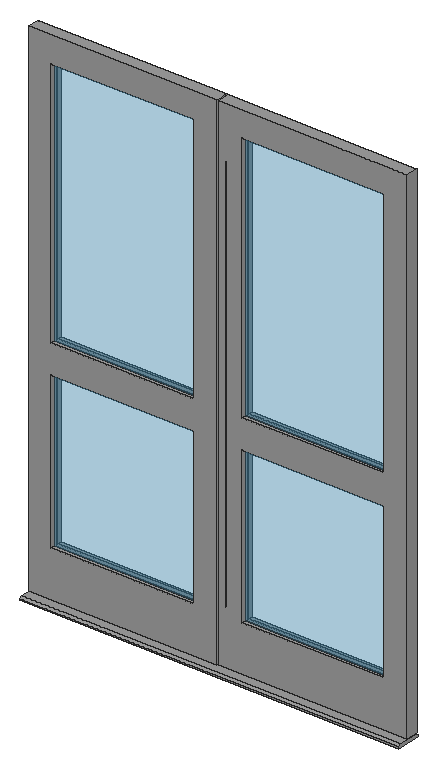
Revit family "MS-375TC DOOR-Double-1-SF_v04", category Curtain Panels, Revit 2015
Parameters
  Width [instance] = 6' - 2"
  URL = "obe.com"
  Type Comments = ""
  Rough Width [instance] = 6' - 0"
  Offset [instance] = 0' - 1"
  Model = "MS-375TC DOOR"
  Min Panel Width [instance] = if(Rough Width > 5' 11 255/256", Rough Width, 6' 0")  # 6' - 0"
  Manufacturer = "Oldcastle BuildingEnvelope®"
  Keynote = "08 11 00"
  Hinge [instance] = yes
  Height [instance] = 8' - 0"
  Pushbar Height [instance] = 3' - 5 1/4"  # constant formula
  Glass Material = Glass
  Frame Material = Aluminum
  Door Panel Height [instance] = Height + 0' 0 23/32"  # 8' - 0 23/32"
  Description = "MS-375TC - 1\" Door Infill"
  Assembly Code = "B2030"
  Analytic Construction = "<None>"
  8 Muntin [instance] = not([4 Muntin])  # no
  4 Muntin [instance] = yes
  8 Bottom Rail [instance] = yes
  10 Bottom Rail [instance] = not([8 Bottom Rail])  # no
Reference planes (in)
  plane 1 "Front": y = 0
  plane 2: z = 0
  plane 3 "Center (Left/Right)": x = 0
  plane 4 "Left": x = -37
  plane 5 "Right": x = 37
  plane 6 "Top": z = 96
  plane 7: x = -36
  plane 8: x = 36
Text (in)
  text "Exterior" at (-54.29358, 31.38743, 0), in view "Ref. Level"
  text "Exterior" at (480, 41.53993, 89.60405), in view "Right"
  text "Exterior" at (-240, 57.82419, 105.78864), in view "Left"
Dimensions and locks (in)
  equal spacing: plane 4 "Left", plane 3 "Center (Left/Right)", plane 5 "Right"
  "Width": plane 4 "Left" to plane 5 "Right"
  "Height": plane 6 "Top" to plane 2
  equal spacing: plane 7, plane 3 "Center (Left/Right)", plane 8
  "Min Panel Width": plane 7 to plane 8
  aligned and locked: level to plane 2
  aligned and locked: plane 3 "Center (Left/Right)" to nested 1
  aligned and locked: plane 1 "Front" to nested 1
Nested families (in)
  nested 1: "MS-375TC DOOR-Double-1-Panel_v03" at (0, -16, 0), Frame Material <- "Frame Material", Glass Material <- "Glass Material", 4 Muntin <- "4 Muntin", 8 Muntin <- "8 Muntin", Hinge <- "Hinge", 8 Bottom Rail <- "8 Bottom Rail", Height <- "Door Panel Height", Width <- "Min Panel Width", Offset <- "Offset", type "MS-375TC DOOR-Double-1-Panel"
    with Wing Width 3' - 0", built-in parameter 1001301 6' - 0", Pushbar Height 3' - 5 1/4", Offset 0' - 1", Hinge yes, built-in parameter 1001300 8' - 0 23/32", Glass at Muntin 0' - 4 9/16", Glass Material Glass, Frame Material Aluminum, Bottom Rail 0' - 8 29/32", 8 Muntin no, 8 Bottom Rail yes, 4 Muntin yes, 10 Bottom Rail no
Definition of nested family "MS-375TC DOOR-Double-1-Panel_v03"
  Parameters (values of type "MS-375TC DOOR-Double-1-Panel")
    Wing Width [instance] = Width / 2  # 3' - 0"
    Width [instance] = 6' - 0"
    Offset [instance] = 0' - 5"
    Hinge [instance] = yes
    Height [instance] = 8' - 0"
    Glass at Muntin [instance] = if([4 Muntin], 0' 4 9/16", 0' 8 9/16")  # 0' - 8 9/16"
    Pushbar Height [instance] = 3' - 5 1/4"  # constant formula
    Glass Material [instance] = none
    Frame Material [instance] = none
    Bottom Rail [instance] = if([10 Bottom Rail], 0' 10 29/32", 0' 8 29/32")  # 0' - 10 29/32"
    8 Muntin [instance] = not([4 Muntin])  # yes
    10 Bottom Rail [instance] = not([8 Bottom Rail])  # yes
    4 Muntin [instance] = no
    8 Bottom Rail [instance] = no
  Reference planes (in)
    plane 1 "00": y = 9.75
    plane 2: z = 0
    plane 3 "Center (Left/Right)": x = 0
    plane 4: z = 96
    plane 5: x = -36
    plane 6: x = 36
    plane 7 "Center (Front/Back)": y = 16
    plane 8 "Exterior": y = 10.25
    plane 9: z = 48
    plane 10: z = 10.90625
    plane 11: z = 45.53125
    plane 12: z = 36.96875
    plane 13: z = 90.94129
    plane 14: z = 0
    plane 15: x = -31.80262
    plane 16: x = 31.78244
    plane 17 "Offset": y = 11
    plane 18: z = 41.25
  Forms (in)
    Sweep 1, solid, material <- "Frame Material"
      path origin (0, 9.75, 0) x (1, 0, 0) y (0, 0, 1)
        loop
          line (-31.80262, 96) -> (-0.1998, 96)
      profile origin (-16.00121, 9.75, 96) x (0, 0, 1) y (0, -1, 0)
        loop
          line (-0.71875, -1.12355) -> (-0.71875, 1.12745) -> (-5.46871, 1.12745) -> (-5.46871, 0.5) -> (-5.05871, 0.5) -> (-5.05871, -0.5) -> (-5.46871, -0.5) -> (-5.46871, -1.12355) -> (-0.71875, -1.12355)
    Sweep 2, solid, material <- "Frame Material"
      path origin (0, 9.75, 0) x (1, 0, 0) y (0, 0, 1)
        loop
          line (-0.1998, 0) -> (-35.69218, 0)
      profile origin (-17.94599, 9.75, 0) x (0, 0, -1) y (0, -1, 0)
        loop
          line (-6.93343, -1.12355) -> (-0.68754, -1.12355) -> (-0.68754, 1.12745) -> (-6.93343, 1.12745) -> (-11.4375, 1.12745) -> (-11.4375, 0.5) -> (-10.90625, 0.5) -> (-10.90625, -0.5) -> (-11.4375, -0.5) -> (-11.4375, -1.12355) -> (-6.93343, -1.12355)
    Sweep 3, solid, material <- "Frame Material"
      path origin (0, 9.75, 0) x (1, 0, 0) y (0, 0, 1)
        loop
          line (36, 95.28125) -> (36, 0.68754)
      profile origin (36, 9.75, 47.9844) x (0, -1, 0) y (1, 0, 0)
        loop
          line (-1.12356, -0.438) -> (-1.12356, -4.62756) -> (-0.5, -4.62756) -> (-0.5, -4.21756) -> (0.5, -4.21756) -> (0.5, -4.62756) -> (1.12745, -4.62756) -> (1.12745, -0.328) -> (-1.15856, -0.328) -> (-1.15856, -0.438) -> (-1.12356, -0.438)
    Sweep 4, solid, material <- "Frame Material"
      path origin (0, 9.75, 0) x (1, 0, 0) y (0, 0, 1)
        loop
          line (-36, 95.28125) -> (-36, 0.68754)
      profile origin (-36, 9.75, 47.9844) x (0, -1, 0) y (1, 0, 0)
        loop
          line (-1.12358, 4.60738) -> (-1.12358, 0.41782) -> (-1.15858, 0.41782) -> (-1.15858, 0.30782) -> (1.12744, 0.30782) -> (1.12744, 4.60738) -> (0.49998, 4.60738) -> (0.49998, 4.19738) -> (-0.50002, 4.19738) -> (-0.50002, 4.60738) -> (-1.12358, 4.60738)
    Sweep 5, solid, material <- "Frame Material"
      path origin (0, 9.75, 0) x (1, 0, 0) y (0, 0, 1)
        loop
          line (-4.1885, 48) -> (-31.80262, 48)
      profile origin (-17.99556, 9.75, 48) x (0, 0, -1) y (0, -1, 0)
        loop
          line (1.93679, -0.5) -> (1.93679, -1.12355) -> (11.43671, -1.12355) -> (11.43671, -0.5) -> (11.03125, -0.5) -> (11.03125, 0.5) -> (11.43671, 0.5) -> (11.43671, 1.12745) -> (1.93679, 1.12745) -> (1.93679, 0.5) -> (2.46875, 0.5) -> (2.46875, -0.5) -> (1.93679, -0.5)
    Sweep 6, solid, material <- "Frame Material"
      path origin (0, 9.75, 0) x (1, 0, 0) y (0, 0, 1)
        loop
          line (0, 95.28125) -> (0, 0.68754)
      profile origin (0, 9.75, 47.9844) x (0, -1, 0) y (1, 0, 0)
        loop
          line (-1.12355, -4.5985) -> (-0.5, -4.5985) -> (-0.5, -4.1885) -> (0.5, -4.1885) -> (0.5, -4.5985) -> (1.12745, -4.5985) -> (1.12745, -0.1998)
          arc (1.12745, -0.1998) -> (0.14024, -0.09375) -> (-0.84797, -0.19003) r 4.87198
          line (-0.84797, -0.19003) -> (-1.00307, -0.23561)
          arc (-1.00307, -0.23561) -> (-1.08642, -0.25449) -> (-1.12355, -0.33147) r 0.09837
          line (-1.12355, -0.33147) -> (-1.12355, -4.5985)
        loop
          arc (-1.03043, 0.11549) -> (0.05077, 0.1029) -> (1.12778, 0.19879) r 10.77029
          line (1.12778, 0.19879) -> (1.12778, 4.59371) -> (0.5, 4.59371) -> (0.5, 4.18371) -> (-0.5, 4.18371) -> (-0.5, 4.59371) -> (-1.12356, 4.59371) -> (-1.12356, 0.21457)
          arc (-1.12356, 0.21457) -> (-1.09663, 0.14658) -> (-1.03043, 0.11549) r 0.09927
    Sweep 7, solid, material <- "Frame Material"
      path origin (0, 9.75, 0) x (1, 0, 0) y (0, 0, 1)
        loop
          line (0.22004, 96) -> (31.78244, 96)
      profile origin (16.00124, 9.75, 96) x (0, 0, 1) y (0, -1, 0)
        loop
          line (-0.71875, -1.12355) -> (-0.71875, 1.12745) -> (-3.83589, 1.12745) -> (-5.46871, 1.12745) -> (-5.46871, 0.5) -> (-5.05871, 0.5) -> (-5.05871, -0.5) -> (-5.46871, -0.5) -> (-5.46871, -1.12355) -> (-3.83589, -1.12355) -> (-0.71875, -1.12355)
    Sweep 8, solid, material <- "Frame Material"
      path origin (0, 9.75, 0) x (1, 0, 0) y (0, 0, 1)
        loop
          line (31.78244, 48) -> (4.18371, 48)
      profile origin (17.98307, 9.75, 48) x (0, 0, -1) y (0, -1, 0)
        loop
          line (1.93679, -0.5) -> (1.93679, -1.12355) -> (11.43671, -1.12355) -> (11.43671, -0.5) -> (11.03125, -0.5) -> (11.03125, 0.5) -> (11.43671, 0.5) -> (11.43671, 1.12745) -> (1.93679, 1.12745) -> (1.93679, 0.5) -> (2.46875, 0.5) -> (2.46875, -0.5) -> (1.93679, -0.5)
    Sweep 9, solid, material <- "Frame Material"
      path origin (0, 9.75, 0) x (1, 0, 0) y (0, 0, 1)
        loop
          line (35.672, 0) -> (0.22004, 0)
      profile origin (17.94602, 9.75, 0) x (0, 0, -1) y (0, -1, 0)
        loop
          line (-3.49593, -1.12355) -> (-0.68754, -1.12355) -> (-0.68754, 1.12745) -> (-11.4375, 1.12745) -> (-11.4375, 0.5) -> (-10.90625, 0.5) -> (-10.90625, -0.5) -> (-11.4375, -0.5) -> (-11.4375, -1.12355) -> (-3.49593, -1.12355)
    Extrusion 10, solid, detail levels coarse
      sketch origin (0, 0, 0) x (1, 0, 0) y (0, 1, 0)
        loop
          line (4.18371, 10.25) -> (4.18371, 9.25) -> (31.78244, 9.25) -> (31.78244, 10.25) -> (4.18371, 10.25)
      from 36.96875 to 10.90625
    Extrusion 11, solid, material <- "Glass Material", detail levels medium+fine
      sketch origin (0, 0, 0) x (1, 0, 0) y (0, 1, 0)
        loop
          line (4.18371, 9.25) -> (31.78244, 9.25) -> (31.78244, 9.498) -> (4.18371, 9.498) -> (4.18371, 9.25)
        loop
          line (31.78244, 10.25) -> (4.18371, 10.25) -> (4.18371, 10.002) -> (31.78244, 10.002) -> (31.78244, 10.25)
      from 10.90625 to 36.96875
    Extrusion 12, solid, material <- "Glass Material", detail levels medium+fine
      sketch origin (0, 0, 0) x (1, 0, 0) y (0, 1, 0)
        loop
          line (4.18371, 10.25) -> (4.18371, 10.002) -> (31.78244, 10.002) -> (31.78244, 10.25) -> (4.18371, 10.25)
        loop
          line (31.78244, 9.25) -> (31.78244, 9.498) -> (4.18371, 9.498) -> (4.18371, 9.25) -> (31.78244, 9.25)
      from 45.53125 to 90.94129
    Extrusion 13, solid, material <- "Glass Material", detail levels coarse
      sketch origin (0, 0, 0) x (1, 0, 0) y (0, 1, 0)
        loop
          line (4.18371, 10.25) -> (4.18371, 9.25) -> (31.78244, 9.25) -> (31.78244, 10.25) -> (4.18371, 10.25)
      from 45.53125 to 90.94129
    Extrusion 14, solid, material <- "Glass Material", detail levels medium+fine
      sketch origin (0, 0, 0) x (1, 0, 0) y (0, 1, 0)
        loop
          line (-31.80262, 9.25) -> (-4.1885, 9.25) -> (-4.1885, 9.498) -> (-31.80262, 9.498) -> (-31.80262, 9.25)
        loop
          line (-4.1885, 10.25) -> (-31.80262, 10.25) -> (-31.80262, 10.002) -> (-4.1885, 10.002) -> (-4.1885, 10.25)
      from 10.90625 to 36.96875
    Extrusion 15, solid, material <- "Glass Material", detail levels coarse
      sketch origin (0, 0, 0) x (1, 0, 0) y (0, 1, 0)
        loop
          line (-31.80262, 10.25) -> (-31.80262, 9.25) -> (-4.31233, 9.25) -> (-4.1885, 9.25) -> (-4.1885, 10.25) -> (-31.80262, 10.25)
      from 45.53125 to 90.94129
    Extrusion 16, solid, material <- "Glass Material", detail levels coarse
      sketch origin (0, 0, 0) x (1, 0, 0) y (0, 1, 0)
        loop
          line (-31.80262, 10.25) -> (-31.80262, 9.25) -> (-4.1885, 9.25) -> (-4.1885, 10.25) -> (-31.80262, 10.25)
      from 10.90625 to 36.96875
    Extrusion 17, solid, material <- "Glass Material", detail levels medium+fine
      sketch origin (0, 0, 0) x (1, 0, 0) y (0, 1, 0)
        loop
          line (-31.80262, 10.25) -> (-31.80262, 10.002) -> (-4.1885, 10.002) -> (-4.1885, 10.25) -> (-31.80262, 10.25)
        loop
          line (-31.80262, 9.498) -> (-31.80262, 9.25) -> (-4.1885, 9.25) -> (-4.1885, 9.498) -> (-31.80262, 9.498)
      from 45.53125 to 90.94129
    Sweep 18, solid, material <- "Frame Material"
      path origin (0, 11, 0) x (1, 0, 0) y (0, 0, 1)
        loop
          line (-35.69218, 0) -> (35.672, 0)
      profile origin (-0.01009, 11, 0) x (0, 0, 1) y (0, -1, 0)
        loop
          line (0.49954, 3.88246) -> (0.24955, 4.38245) -> (0, 4.38245) -> (0, -0.11755) -> (0.24955, -0.11755) -> (0.49954, 0.38244) -> (0.49954, 3.88246)
  Cuts and joins
    joined: Sweep 1, Sweep 2, Sweep 3, Sweep 4, Sweep 5, Sweep 6, Sweep 7, Sweep 8, Sweep 9
  Lines and regions (in)
    model lines
      curve 1: line (4.59371, 10.25, 90.53129) -> (31.37244, 10.25, 48)
      curve 2: line (31.37244, 10.25, 48) -> (4.59371, 10.25, 11.4375)
      curve 3: line (-4.5985, 10.25, 90.54626) -> (-31.39262, 10.25, 48)
      curve 4: line (-31.39262, 10.25, 48) -> (-4.5985, 10.25, 11.4375)
  Dimensions and locks (in)
    "Height": plane 4 to level
    equal spacing: plane 5, plane 3 "Center (Left/Right)", plane 6
    plane 1 "00" to plane 8 "Exterior" to plane 17 "Offset" = 0' - 0 1/2" locked, 0' - 0 3/4" locked
    equal spacing: level, plane 9, plane 4
    locked: plane 3 "Center (Left/Right)" to Sweep 2 sketch curve at 0.1998
    locked: Sweep 3 sketch curve to plane 4 at 0.71875
    locked: Sweep 4 sketch curve to plane 4 at 0.71875
    locked: plane 3 "Center (Left/Right)" to Sweep 1 sketch curve at 0.1998
    locked: plane 3 "Center (Left/Right)" to Sweep 5 sketch curve at 4.1885
    locked: Sweep 7 sketch curve to plane 3 "Center (Left/Right)" at 0.22004
    locked: Sweep 8 sketch curve to plane 3 "Center (Left/Right)" at 4.18371
    locked: Sweep 9 sketch curve to plane 3 "Center (Left/Right)" at 0.22004
    locked: Sweep 6 sketch curve to plane 4 at 0.71875
    locked: Sweep 9 sketch curve to plane 10 at 0.53125  (x2)
    locked: Sweep 2 sketch curve to plane 10 at 0.53125  (x2)
    locked: Sweep 5 sketch curve to plane 11 at 0.53196  (x2)
    locked: plane 12 to Sweep 5 sketch curve at 0.40546  (x2)
    equal spacing: plane 4, plane 9, plane 14
    plane 4 to plane 13 = 0' - 5.05871"
    Extrusion 14 sketch curve to Extrusion 14 sketch curve to plane 1 "00" to Extrusion 14 sketch curve to Extrusion 14 sketch curve = 0' - 0.248" locked, 0' - 0.252" locked, 0' - 0.252" locked, 0' - 0.248" locked
    Extrusion 16 sketch curve to plane 1 "00" to Extrusion 16 sketch curve = 0' - 0 1/2" locked, 0' - 0 1/2" locked
    Extrusion 17 sketch curve to Extrusion 17 sketch curve to plane 1 "00" to Extrusion 17 sketch curve to Extrusion 17 sketch curve = 0' - 0.248" locked, 0' - 0.252" locked, 0' - 0.252" locked, 0' - 0.248" locked
    Extrusion 15 sketch curve to plane 1 "00" to Extrusion 15 sketch curve = 0' - 0 1/2" locked, 0' - 0 1/2" locked
    Extrusion 13 sketch curve to plane 1 "00" to Extrusion 13 sketch curve = 0' - 0 1/2" locked, 0' - 0 1/2" locked
    Extrusion 12 sketch curve to Extrusion 12 sketch curve to plane 1 "00" to Extrusion 12 sketch curve to Extrusion 12 sketch curve = 0' - 0.248" locked, 0' - 0.252" locked, 0' - 0.252" locked, 0' - 0.248" locked
    Extrusion 11 sketch curve to Extrusion 11 sketch curve to plane 1 "00" to Extrusion 11 sketch curve to Extrusion 11 sketch curve = 0' - 0.248" locked, 0' - 0.252" locked, 0' - 0.252" locked, 0' - 0.248" locked
    Extrusion 10 sketch curve to plane 1 "00" to Extrusion 10 sketch curve = 0' - 0 1/2" locked, 0' - 0 1/2" locked
    "Bottom Rail": plane 10 to plane 14
    locked: Extrusion 16 sketch curve to plane 3 "Center (Left/Right)" at 4.1885
    locked: Extrusion 14 sketch curve to plane 3 "Center (Left/Right)" at 4.1885  (x2)
    locked: plane 3 "Center (Left/Right)" to Extrusion 13 sketch curve at 4.18371
    locked: plane 3 "Center (Left/Right)" to Extrusion 10 sketch curve at 4.18371
    locked: plane 3 "Center (Left/Right)" to Extrusion 11 sketch curve at 4.18371  (x2)
    locked: plane 5 to plane 15 at 4.19738
    locked: plane 16 to plane 6 at 4.21756
    locked: Sweep 2 sketch curve to plane 5 at 0.30782
    locked: plane 6 to Sweep 9 sketch curve at 0.328
    "Width": plane 5 to plane 6
    "Glass at Muntin": plane 11 to plane 12
    "Pushbar Height": level to plane 18
    equal spacing: plane 11, plane 18, plane 12
    Sweep 8 sketch curve to Sweep 8 sketch curve to plane 11 = 0' - 0" locked, 0' - 0.53196" locked
    plane 12 to Sweep 8 sketch curve to Sweep 8 sketch curve = 0' - 0.40546" locked, 0' - 0" locked
    "Offset": plane 17 "Offset" to plane 7 "Center (Front/Back)"
    locked: plane 6 to Sweep 18 sketch curve at 0.328
    locked: Sweep 18 sketch curve to plane 5 at 0.30782
    locked: Sweep 4 sketch curve to plane 14 at 0.68754
    locked: Sweep 6 sketch curve to plane 14 at 0.68754
    locked: Sweep 3 sketch curve to plane 14 at 0.68754
    aligned and locked: plane 2 to level
    aligned and locked: Sweep 1 sketch curve to plane 4
    aligned and locked: Sweep 2 sketch curve to level
    aligned and locked: Sweep 5 sketch curve to plane 9
    aligned and locked: plane 3 "Center (Left/Right)" to Sweep 6 sketch curve
    aligned and locked: Sweep 9 sketch curve to level
    aligned and locked: Sweep 8 sketch curve to plane 9
    aligned and locked: plane 4 to Sweep 7 sketch curve
    aligned and locked: Sweep 8 sketch curve to plane 11
    aligned and locked: plane 12 to Sweep 8 sketch curve
    aligned and locked: plane 10 to cut or joined group of Sweep 1, Sweep 2, Sweep 3, Sweep 4, Sweep 5, Sweep 6, Sweep 7, Sweep 8, Sweep 9
    aligned and locked: Extrusion 14 to plane 10
    aligned and locked: plane 12 to Extrusion 14
    aligned and locked: Extrusion 15 to plane 11
    aligned and locked: plane 13 to Extrusion 15
    aligned and locked: Extrusion 17 to plane 11
    aligned and locked: plane 13 to Extrusion 17
    aligned and locked: Extrusion 16 to plane 10
    aligned and locked: plane 12 to Extrusion 16
    aligned and locked: Extrusion 12 to plane 11
    aligned and locked: plane 11 to cut or joined group of Sweep 1, Sweep 2, Sweep 3, Sweep 4, Sweep 5, Sweep 6, Sweep 7, Sweep 8, Sweep 9
    aligned and locked: cut or joined group of Sweep 1, Sweep 2, Sweep 3, Sweep 4, Sweep 5, Sweep 6, Sweep 7, Sweep 8, Sweep 9 to plane 13
    aligned and locked: plane 13 to Extrusion 12
    aligned and locked: plane 13 to Extrusion 13
    aligned and locked: Extrusion 13 to plane 11
    aligned and locked: plane 12 to Extrusion 10
    aligned and locked: plane 12 to Extrusion 11
    aligned and locked: Extrusion 11 to plane 10
    aligned and locked: Extrusion 10 to plane 10
    aligned and locked: Sweep 7 sketch curve to plane 13
    aligned and locked: plane 11 to Sweep 5 sketch curve
    aligned and locked: Sweep 5 sketch curve to plane 12
    aligned and locked: plane 10 to Sweep 2 sketch curve
    aligned and locked: Sweep 1 sketch curve to plane 13
    aligned and locked: plane 9 to curve 4
    aligned and locked: curve 3 to cut or joined group of Sweep 1, Sweep 2, Sweep 3, Sweep 4, Sweep 5, Sweep 6, Sweep 7, Sweep 8, Sweep 9
    aligned and locked: cut or joined group of Sweep 1, Sweep 2, Sweep 3, Sweep 4, Sweep 5, Sweep 6, Sweep 7, Sweep 8, Sweep 9 to curve 1
    aligned and locked: cut or joined group of Sweep 1, Sweep 2, Sweep 3, Sweep 4, Sweep 5, Sweep 6, Sweep 7, Sweep 8, Sweep 9 to curve 2
    aligned and locked: Sweep 3 sketch curve to plane 6
    aligned and locked: Sweep 4 sketch curve to plane 5
    aligned and locked: Extrusion 17 to plane 15
    aligned and locked: Extrusion 17 sketch curve to Extrusion 17 sketch curve
    aligned and locked: Extrusion 15 sketch curve to plane 15
    aligned and locked: plane 16 to Extrusion 12 sketch curve  (x2)
    aligned and locked: plane 16 to Extrusion 13 sketch curve
    aligned and locked: Extrusion 11 to plane 16  (x2)
    aligned and locked: Extrusion 10 to plane 16
    aligned and locked: Extrusion 16 to plane 15
    aligned and locked: Extrusion 14 to plane 15
    aligned and locked: plane 16 to Sweep 8 sketch curve
    aligned and locked: plane 15 to Sweep 5 sketch curve
    aligned and locked: cut or joined group of Sweep 1, Sweep 2, Sweep 3, Sweep 4, Sweep 5, Sweep 6, Sweep 7, Sweep 8, Sweep 9 to curve 4
    aligned and locked: plane 15 to Sweep 1 sketch curve
    aligned and locked: Sweep 7 sketch curve to plane 16
    aligned and locked: Sweep 18 sketch curve to plane 14
  Automatic sketch dimensions
    Sweep 5 sketch curve to plane 1 "00" = 0' - 1.12355"
    Sweep 5 sketch curve to plane 1 "00" = 0' - 0 1/2"  (x2)
    plane 1 "00" to Sweep 5 sketch curve = 0' - 0 1/2"  (x2)
    Sweep 5 sketch curve to Sweep 5 sketch curve = 0' - 0.62745"
    Sweep 2 sketch curve to plane 1 "00" = 0' - 1.12355"
    Sweep 2 sketch curve to Sweep 2 sketch curve = 0' - 3.97282"
    Sweep 2 sketch curve to Sweep 2 sketch curve = 0' - 0"
    profile plane to Sweep 2 sketch curve = 0' - 0.68754"
    Sweep 2 sketch curve to plane 1 "00" = 0' - 0 1/2"
    plane 1 "00" to Sweep 2 sketch curve = 0' - 0 1/2"
    plane 1 "00" to Sweep 2 sketch curve = 0' - 1.12745"
    Sweep 1 sketch curve to plane 1 "00" = 0' - 0 1/2"
    Sweep 1 sketch curve to Sweep 1 sketch curve = 0' - 0"
    Sweep 1 sketch curve to Sweep 1 sketch curve = 0' - 0.41"
    profile plane to Sweep 1 sketch curve = 0' - 0 23/32"
    Sweep 1 sketch curve to plane 1 "00" = 0' - 1.12355"
    plane 1 "00" to Sweep 1 sketch curve = 0' - 0 1/2"
    plane 1 "00" to Sweep 1 sketch curve = 0' - 1.12745"
    Sweep 9 sketch curve to Sweep 9 sketch curve = 0' - 0 17/32"
    Sweep 9 sketch curve to plane 1 "00" = 0' - 1.12355"
    Sweep 9 sketch curve to Sweep 9 sketch curve = 0' - 2.80839"
    profile plane to Sweep 9 sketch curve = 0' - 0.68754"
    Sweep 9 sketch curve to plane 1 "00" = 0' - 0 1/2"
    plane 1 "00" to Sweep 9 sketch curve = 0' - 0 1/2"
    Sweep 9 sketch curve to Sweep 9 sketch curve = 0' - 0.62745"
    Sweep 7 sketch curve to Sweep 7 sketch curve = 0' - 0.41"  (x2)
    Sweep 7 sketch curve to Sweep 7 sketch curve = 0' - 1.22282"  (x2)
    profile plane to Sweep 7 sketch curve = 0' - 0 23/32"
    Sweep 7 sketch curve to plane 1 "00" = 0' - 1.12355"
    Sweep 7 sketch curve to plane 1 "00" = 0' - 0 1/2"
    plane 1 "00" to Sweep 7 sketch curve = 0' - 0 1/2"
    plane 1 "00" to Sweep 7 sketch curve = 0' - 1.12745"
    Sweep 8 sketch curve to plane 1 "00" = 0' - 1.12355"
    Sweep 8 sketch curve to plane 1 "00" = 0' - 0 1/2"  (x2)
    plane 1 "00" to Sweep 8 sketch curve = 0' - 0 1/2"  (x2)
    Sweep 8 sketch curve to Sweep 8 sketch curve = 0' - 0.62745"
    Sweep 4 sketch curve to plane 1 "00" = 0' - 1.15858"
    Sweep 4 sketch curve to Sweep 4 sketch curve = 0' - 0.035"
    Sweep 4 sketch curve to plane 1 "00" = 0' - 0 1/2"
    plane 1 "00" to Sweep 4 sketch curve = 0' - 0 1/2"
    Sweep 4 sketch curve to Sweep 4 sketch curve = 0' - 0.62745"
    Sweep 4 sketch curve to profile plane = 0' - 0.30782"
    Sweep 4 sketch curve to Sweep 4 sketch curve = 0' - 0.11"
    Sweep 4 sketch curve to Sweep 4 sketch curve = 0' - 3.77956"
    Sweep 4 sketch curve to Sweep 4 sketch curve = 0' - 0.41"  (x2)
    Sweep 6 sketch curve to plane 1 "00" = 0' - 1.12355"
    Sweep 6 sketch curve to plane 1 "00" = 0' - 0 1/2"  (x2)
    profile plane to Sweep 6 sketch curve = 0' - 0.33147"
    Sweep 6 sketch curve to Sweep 6 sketch curve = 0' - 0.41"  (x4)
    plane 1 "00" to Sweep 6 sketch curve = 0' - 0 1/2"  (x2)
    Sweep 6 sketch curve to Sweep 6 sketch curve = 0' - 0.62745"
    profile plane to Sweep 6 sketch curve = 0' - 0.1998"
    plane 1 "00" to Sweep 6 sketch curve = 0' - 0.11615"
    Sweep 6 sketch curve to Sweep 6 sketch curve = 0' - 0 47/128"
    profile plane to Sweep 6 sketch curve = 0' - 0.19003"
    profile plane to Sweep 6 sketch curve = 0' - 0.23561"
    Sweep 6 sketch curve to Sweep 6 sketch curve = 0' - 0.12047"
    Sweep 6 sketch curve to profile plane = 0' - 0.21457"
    Sweep 6 sketch curve to Sweep 6 sketch curve = 0' - 0.17632"
    Sweep 6 sketch curve to plane 1 "00" = 0' - 0.36463"
    Sweep 6 sketch curve to Sweep 6 sketch curve = 0' - 0.09927"
    Sweep 6 sketch curve to Sweep 6 sketch curve = 0' - 0.00614"
    Sweep 6 sketch curve to profile plane = 0' - 0.19879"
    Sweep 6 sketch curve to Sweep 6 sketch curve = 0' - 0.00033"
    Sweep 6 sketch curve to Sweep 6 sketch curve = 0' - 4.39492"
    Sweep 6 sketch curve to Sweep 6 sketch curve = 0' - 0.62356"
    Sweep 3 sketch curve to plane 1 "00" = 0' - 1.15856"
    Sweep 3 sketch curve to Sweep 3 sketch curve = 0' - 0.035"
    Sweep 3 sketch curve to plane 1 "00" = 0' - 0 1/2"
    plane 1 "00" to Sweep 3 sketch curve = 0' - 0 1/2"
    plane 1 "00" to Sweep 3 sketch curve = 0' - 1.12745"
    profile plane to Sweep 3 sketch curve = 0' - 4.62756"
    Sweep 3 sketch curve to Sweep 3 sketch curve = 0' - 0"
    Sweep 3 sketch curve to Sweep 3 sketch curve = 0' - 0.41"
    profile plane to Sweep 3 sketch curve = 0' - 0.438"
    profile plane to Sweep 3 sketch curve = 0' - 0.328"
    Extrusion 15 sketch curve to Extrusion 15 sketch curve = 0' - 0.12382"
    Extrusion 15 sketch curve to plane 3 "Center (Left/Right)" = 0' - 4.31233"
    Extrusion 17 sketch curve to plane 15 = 0' - 0"
    Extrusion 17 sketch curve to plane 3 "Center (Left/Right)" = 0' - 4.1885"
    Extrusion 17 sketch curve to Extrusion 17 sketch curve = 0' - 0"
    plane 15 to Extrusion 14 sketch curve = 0' - 0"
    Extrusion 14 sketch curve to Extrusion 14 sketch curve = 0' - 0"
    plane 15 to Extrusion 16 sketch curve = 0' - 0"
    Extrusion 10 sketch curve to plane 6 = 0' - 4.21756"
    Extrusion 11 sketch curve to plane 6 = 0' - 4.21756"
    Extrusion 11 sketch curve to Extrusion 11 sketch curve = 0' - 0"
    plane 3 "Center (Left/Right)" to Extrusion 12 sketch curve = 0' - 4.18371"
    Extrusion 12 sketch curve to Extrusion 12 sketch curve = 0' - 0"
    curve 2 to plane 9 = 0' - 0"
    plane 15 to curve 3 = 0' - 0.41"
    plane 10 to curve 4 = 0' - 0 17/32"
    plane 10 to curve 2 = 0' - 0 17/32"
    curve 1 to plane 13 = 0' - 0.41"
    curve 3 to plane 13 = 0' - 0.39503"
    plane 16 to curve 2 = 0' - 0.41"
    Sweep 18 sketch curve to profile plane = 0' - 0.49954"
    plane 17 "Offset" to Sweep 18 sketch curve = 0' - 3.88246"
    Sweep 18 sketch curve to profile plane = 0' - 0.24955"  (x2)
    plane 17 "Offset" to Sweep 18 sketch curve = 0' - 0.38244"
    Sweep 18 sketch curve to Sweep 18 sketch curve = 0' - 0 1/2"
    Sweep 18 sketch curve to plane 17 "Offset" = 0' - 0.11755"
    profile plane to Sweep 18 sketch curve = 0' - 0"
